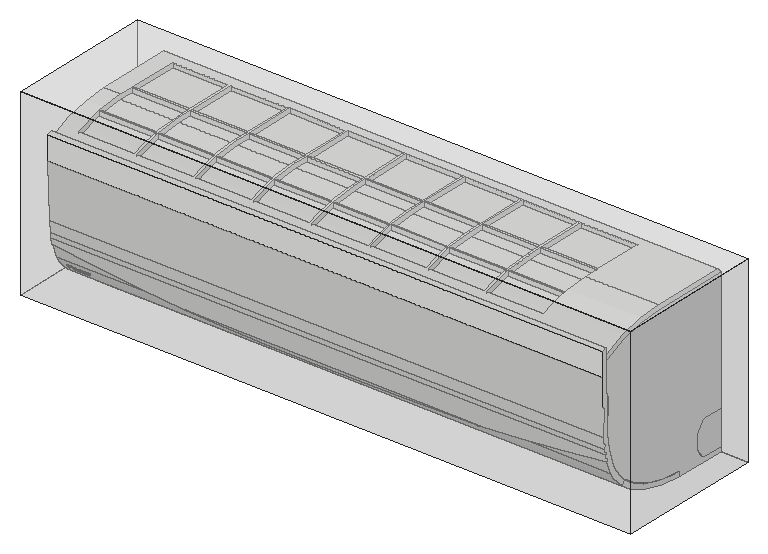
Revit family "outputfile", category 機械設備, Revit 2024
Family settings
  丸型コネクタ寸法 = 半径を使用
  パーツ タイプ = 標準
  OmniClass 番号 = 23.75.10.24.21.27.27
  OmniClass タイトル = Split System Air Conditioning Units
  作業面ベース = いいえ
  常に垂直 = はい
  ロード時にボイドで切り取り = いいえ
  注釈の向きを維持 = いいえ
  共有 = いいえ
  部屋計算ポイント = いいえ
Parameters (values of type "FTKM60Q2VMA")
  書き出し IFC クラス(タイプ) = "IfcUnitaryEquipmentType"
  定義済み IFC タイプ(タイプ) = "AIRCONDITIONINGUNIT"
  Cost = 0
  Type Comments = ""
  Keynote = ""
  Type Image = (empty or 0)
  Assembly Code = ""
  w_wall hole = if(Width = 770.0 mm, 48.0 mm, 60.0 mm)  # 60.0 mm
  製造元 = "Daikin"
  モデル = "FTKM60Q2VMA"
  switch_frequency = yes
  r_Liquid Pipe Size = Liquid Pipe Size / 2  # 3.2 mm
  r_Gas Pipe Size = Gas Pipe Size / 2  # 6.35 mm
  r_Drain Pipe Size = Drain Pipe Size / 2  # 8.0 mm
  lw_powersupply [instance] = if(Width = 770.0 mm, if(or(Rear Right Connection_refrigerant, Bottom Right Connection_refrigerant), 25.0 mm, if(or(Rear Left Connection_refrigerant, Bottom Left Connection_refrigerant), 745.0 mm, 400.0 mm)), if(Width = 990.0 mm, if(or(Rear Right Connection_refrigerant, Bottom Right Connection_refrigerant), 40.0 mm, if(or(Rear Left Connection_refrigerant, Bottom Left Connection_refrigerant), 920.0 mm, 400.0 mm)), if(or(Rear Right Connection_refrigerant, Bottom Right Connection_refrigerant), 40.0 mm, if(or(Rear Left Connection_refrigerant, Bottom Left Connection_refrigerant), 920.0 mm, 400.0 mm))))  # 400.0 mm
  lw_liquidpipe [instance] = if(Width = 770.0 mm, if(or(Rear Right Connection_refrigerant, Bottom Right Connection_refrigerant), 0.0 mm, if(or(Rear Left Connection_refrigerant, Bottom Left Connection_refrigerant), 664.0 mm, 385.0 mm)), if(Width = 990.0 mm, if(or(Rear Right Connection_refrigerant, Bottom Right Connection_refrigerant), 0.0 mm, if(or(Rear Left Connection_refrigerant, Bottom Left Connection_refrigerant), 664.0 mm + (990.0 mm - 770.0 mm), 475.0 mm)), if(or(Rear Right Connection_refrigerant, Bottom Right Connection_refrigerant), 0.0 mm, if(or(Rear Left Connection_refrigerant, Bottom Left Connection_refrigerant), 664.0 mm + (990.0 mm - 770.0 mm), 475.0 mm))))  # 475.0 mm
  lw_gaspipe [instance] = if(Width = 770.0 mm, if(or(Rear Right Connection_refrigerant, Bottom Right Connection_refrigerant), 0.0 mm, if(or(Rear Left Connection_refrigerant, Bottom Left Connection_refrigerant), 675.0 mm, if(Gas Pipe Size = 12.7 mm, 345.0 mm, 335.0 mm))), if(Width = 990.0 mm, if(or(Rear Right Connection_refrigerant, Bottom Right Connection_refrigerant), 10.0 mm, if(or(Rear Left Connection_refrigerant, Bottom Left Connection_refrigerant), 890.0 mm, if(Gas Pipe Size = 15.9 mm, 410.0 mm, 400.0 mm))), if(or(Rear Right Connection_refrigerant, Bottom Right Connection_refrigerant), 10.0 mm, if(or(Rear Left Connection_refrigerant, Bottom Left Connection_refrigerant), 890.0 mm, if(Gas Pipe Size = 15.9 mm, 410.0 mm, 400.0 mm)))))  # 400.0 mm
  lw_drainpipe [instance] = if(Width = 770.0 mm, if(or(Rear Right Connection_refrigerant, Bottom Right Connection_refrigerant), 0.0 mm, if(or(Rear Left Connection_refrigerant, Bottom Left Connection_refrigerant), 770.0 mm - 48.0 mm - 48.0 mm, 440.0 mm)), if(Width = 990.0 mm, if(or(Rear Right Connection_refrigerant, Bottom Right Connection_refrigerant), 0.0 mm, if(or(Rear Left Connection_refrigerant, Bottom Left Connection_refrigerant), 675.0 mm + (990.0 mm - 770.0 mm), 435.0 mm)), if(or(Rear Right Connection_refrigerant, Bottom Right Connection_refrigerant), 0.0 mm, if(or(Rear Left Connection_refrigerant, Bottom Left Connection_refrigerant), 675.0 mm + (990.0 mm - 770.0 mm), 435.0 mm))))  # 435.0 mm
  l_powersupply_length [instance] = if(Width = 770.0 mm, if(Right Connection_refrigerant, 400.0 mm, if(Left Connection_refrigerant, 770.0 mm - 400.0 mm, if(or(Rear Left Connection_refrigerant, Rear Right Connection_refrigerant), 15.0 mm, 50.0 mm))), if(Width = 990.0 mm, if(Right Connection_refrigerant, 400.0 mm, if(Left Connection_refrigerant, 990.0 mm - 400.0 mm, if(or(Rear Left Connection_refrigerant, Rear Right Connection_refrigerant), 15.0 mm, 50.0 mm))), if(Right Connection_refrigerant, 400.0 mm, if(Left Connection_refrigerant, 990.0 mm - 400.0 mm, if(or(Rear Left Connection_refrigerant, Rear Right Connection_refrigerant), 15.0 mm, 50.0 mm)))))  # 400.0 mm
  l_liquidpipe_length [instance] = if(Width = 770.0 mm, if(Right Connection_refrigerant, 433.0 mm, if(Left Connection_refrigerant, 337.0 mm, if(or(Rear Left Connection_refrigerant, Rear Right Connection_refrigerant), 30.0 mm, 40.0 mm))), if(Width = 990.0 mm, if(Right Connection_refrigerant, 535.0 mm, if(Left Connection_refrigerant, 455.0 mm, if(or(Rear Left Connection_refrigerant, Rear Right Connection_refrigerant), 30.0 mm, 40.0 mm))), if(Right Connection_refrigerant, 535.0 mm, if(Left Connection_refrigerant, 455.0 mm, if(or(Rear Left Connection_refrigerant, Rear Right Connection_refrigerant), 30.0 mm, 40.0 mm)))))  # 535.0 mm
  l_gaspipe_length [instance] = if(Width = 770.0 mm, if(Right Connection_refrigerant, if(Gas Pipe Size = 12.7 mm, 393.0 mm, 383.0 mm), if(Left Connection_refrigerant, if(Gas Pipe Size = 12.7 mm, 770.0 mm - 393.0 mm, 770.0 mm - 383.0 mm), if(or(Rear Left Connection_refrigerant, Rear Right Connection_refrigerant), 40.0 mm, 50.0 mm))), if(Width = 990.0 mm, if(Right Connection_refrigerant, if(Gas Pipe Size = 15.9 mm, 470.0 mm, 460.0 mm), if(Left Connection_refrigerant, if(Gas Pipe Size = 15.9 mm, 990.0 mm - 470.0 mm, 990.0 mm - 460.0 mm), if(or(Rear Left Connection_refrigerant, Rear Right Connection_refrigerant), 40.0 mm, 50.0 mm))), if(Right Connection_refrigerant, if(Gas Pipe Size = 15.9 mm, 470.0 mm, 460.0 mm), if(Left Connection_refrigerant, if(Gas Pipe Size = 15.9 mm, 990.0 mm - 470.0 mm, 990.0 mm - 460.0 mm), if(or(Rear Left Connection_refrigerant, Rear Right Connection_refrigerant), 40.0 mm, 50.0 mm)))))  # 460.0 mm
  l_drainpipe_length [instance] = if(Width = 770.0 mm, if(Right Connection_refrigerant, 488.0 mm, if(Left Connection_refrigerant, 282.0 mm, if(or(Rear Left Connection_refrigerant, Rear Right Connection_refrigerant), 15.0 mm, 20.0 mm))), if(Width = 990.0 mm, if(Right Connection_refrigerant, 495.0 mm, if(Left Connection_refrigerant, 495.0 mm, if(or(Rear Left Connection_refrigerant, Rear Right Connection_refrigerant), 15.0 mm, 20.0 mm))), if(Right Connection_refrigerant, 495.0 mm, if(Left Connection_refrigerant, 495.0 mm, if(or(Rear Left Connection_refrigerant, Rear Right Connection_refrigerant), 15.0 mm, 20.0 mm)))))  # 495.0 mm
  h*** = 0.0 mm  # constant formula
  connector_voltage = Voltage_50Hz  # 230 V
  connector_powerinput = [Power Input (Cooling)]  # 0.000 kW
  connector_phase = Phase_50Hz  # 1
  angle_vertical [instance] = if(or(Bottom Left Connection_refrigerant, Bottom Right Connection_refrigerant), 0.00°, 90.00°)  # 90.00°
  angle_horizontal [instance] = if(Right Connection_refrigerant, 90.00°, if(Left Connection_refrigerant, -90.00°, if(or(Rear Left Connection_refrigerant, Rear Right Connection_refrigerant), 180.00°, 0.00°)))  # 90.00°
  Width = 990.0 mm
  Voltage_comment_50Hz = "220 - 240"
  Voltage_50Hz = 230 V
  Version = "ver.1.0"
  Unit Type = "Wall Mounted"
  Unit Mass Weight = 13.00 kg
  Unit Designation [instance] = ""
  Uniclass2015Version = "Products v1.30"
  Uniclass2015Title = "Split coil room air conditioning units"
  Uniclass2015Code = "Pr_70_65_03_86"
  URL = ""
  Total Cooling Capacity [instance] = 0.000 kW
  Sound Pressure Level_M speed (dBA) = 42
  Sound Pressure Level_L speed (dBA) = 36
  Sound Pressure Level_H speed (dBA) = 48
  Sound Power Level_H speed (dB) = 0
  Series = "Single Split_Fan Coil Unit"
  Sensible Cooling Capacity [instance] = 0.000 kW
  Refrigerant Type = "R32"
  Power Input (Cooling) = 0.000 kW
  Phase_50Hz = 1
  Option Accessory 3 [instance] = ""
  Option Accessory 2 [instance] = ""
  Option Accessory 1 [instance] = ""
  Nominal Cooling Capacity = 6.000 kW
  Minimum Circuit Amps_50Hz = 0.0 A
  Minimum Airflow = 720.00 m³/h
  Median Airflow = 900.00 m³/h
  Maximum Fuse Amps_50Hz = 0.0 A
  Maximum Airflow = 1120.00 m³/h
  Material_Casing = DAIKIN_PureWhite_Casing_indoorunit
  Load Classification = HVAC
  Liquid Pipe Size = 6.4 mm
  Link_Nested Family [instance] = ""
  IfcVersion = ""
  IfcExportType = "AIRCONDITIONINGUNIT"
  IfcExportAs = "IfcUnitaryEquipmentType"
  Height = 295.0 mm
  Heat Exchanger Type = "Cross Fin Coil"
  Gas Pipe Size = 12.7 mm
  Frequency_50Hz = 50 Hz
  Fan Type = "Cross Flow Fan"
  Fan Drive = "Direct Drive"
  FCU Tag No. [instance] = ""
  Drain Pipe Size = 16.0 mm
  Design Supply Airflow [instance] = 0.00 m³/h
  Description = ""
  Depth = 263.0 mm
  既定の高さ = 0.0 mm
  Cooling Entering Wet Bulb Temperature [instance] = 0.00 °C
  Cooling Entering Dry Bulb Temperature [instance] = 0.00 °C
  Cooling Ambient Wet Bulb Temperature [instance] = 0.00 °C
  Cooling Ambient Dry Bulb Temperature [instance] = 0.00 °C
  Clearance visibility [instance] = yes
  Clearance Top = 30.0 mm
  Clearance Right = 50.0 mm
  Clearance Rear = 0.0 mm
  Clearance Left = 50.0 mm
  Clearance Front = 0.0 mm
  Clearance Bottom = 0.0 mm
  Bottom Right Connection_refrigerant [instance] = no
  Bottom Left Connection_refrigerant [instance] = no
  Rear Right Connection_refrigerant [instance] = no
  Rear Left Connection_refrigerant [instance] = no
  Right Connection_refrigerant [instance] = yes
  Left Connection_refrigerant [instance] = no
Reference planes
  plane 1 "Back": y = 0
  plane 2: z = 0
  plane 3 "Center (Left/Right)": x = 0
  plane 4 "Center (Front/Back)": y = -131.5
  plane 5 "Front": y = -263
  plane 6 "Left": x = -495
  plane 7 "Right": x = 495
  plane 8 "Top": z = 0
  plane 9 "Bottom": z = -295
  plane 10: x = -545
  plane 11: x = 545
  plane 12: y = 0
  plane 13: y = -263
  plane 14: z = 30
  plane 15: z = -295
  plane 16 "lw_Piping and Wiring intake": x = 435
  plane 17 "lw_gaspipe": x = 35
  plane 18 "lw_liquidpipe": x = -40
  plane 19 "lw_drainpipe": x = 0
  plane 20 "lh_drainpipe": z = -275
  plane 21 "lh_liquidpipe": z = -255
  plane 22 "lh_gaspipe": z = -245
  plane 23 "ld_drainpipe": y = -15
  plane 24 "ld_liquidpipe": y = -30
  plane 25 "ld_gaspipe": y = -40
  plane 26 "lw_powersupply": x = 95
Dimensions and locks
  equal spacing: plane 6 "Left", plane 3 "Center (Left/Right)", plane 7 "Right"
  "Width": plane 6 "Left" to plane 7 "Right"
  equal spacing: plane 5 "Front", plane 4 "Center (Front/Back)", plane 1 "Back"
  "Depth": plane 5 "Front" to plane 1 "Back"
  "Height": plane 8 "Top" to plane 9 "Bottom"
  "Clearance Rear": plane 12 to plane 1 "Back"
  "Clearance Front": plane 13 to plane 5 "Front"
  "Clearance Top": plane 14 to plane 8 "Top"
  "Clearance Bottom": plane 9 "Bottom" to plane 15
  "w_wall hole": plane 16 "lw_Piping and Wiring intake" to plane 7 "Right"
  "lw_gaspipe": plane 17 "lw_gaspipe" to plane 16 "lw_Piping and Wiring intake"
  "lw_liquidpipe": plane 18 "lw_liquidpipe" to plane 16 "lw_Piping and Wiring intake"
  "lw_drainpipe": plane 19 "lw_drainpipe" to plane 16 "lw_Piping and Wiring intake"
  locked: plane 20 "lh_drainpipe" to plane 9 "Bottom" at 20
  locked: plane 21 "lh_liquidpipe" to plane 9 "Bottom" at 40
  locked: plane 22 "lh_gaspipe" to plane 9 "Bottom" at 50
  locked: plane 23 "ld_drainpipe" to plane 1 "Back" at 15
  locked: plane 1 "Back" to plane 24 "ld_liquidpipe" at 30
  locked: plane 1 "Back" to plane 25 "ld_gaspipe" at 40
  "lw_powersupply": plane 26 "lw_powersupply" to plane 7 "Right"
  "Clearance Right": plane 7 "Right" to plane 11
  "Clearance Left": plane 10 to plane 6 "Left"
  aligned and locked: level to plane 2
  aligned and locked: plane 12 to nested 1
  aligned and locked: nested 1 to plane 13
  aligned and locked: plane 10 to nested 1
  aligned and locked: plane 11 to nested 1
  aligned and locked: plane 15 to nested 1
  aligned and locked: plane 14 to nested 1
  aligned and locked: plane 17 "lw_gaspipe" to nested 2
  aligned and locked: nested 2 to plane 25 "ld_gaspipe"
  aligned and locked: plane 18 "lw_liquidpipe" to nested 3
  aligned and locked: nested 3 to plane 24 "ld_liquidpipe"
  aligned and locked: plane 19 "lw_drainpipe" to nested 4
  aligned and locked: nested 4 to plane 23 "ld_drainpipe"
  aligned and locked: nested 5 to plane 23 "ld_drainpipe"
  aligned and locked: plane 26 "lw_powersupply" to nested 5
  aligned and locked: level to plane 8 "Top"
  aligned and locked: plane 3 "Center (Left/Right)" to nested 6
  aligned and locked: plane 1 "Back" to nested 6
  aligned and locked: plane 8 "Top" to nested 6
Nested families
  nested 1: "daikin_clearancespace" at (0, -131.5, -132.381), show <- "Clearance visibility", visible <- "Clearance visibility", Link_Nested Family <- "Link_Nested Family", type "daikin_clearancespace"
    with width 1090.0 mm, show yes, height 325.0 mm, depth 263.0 mm, Link_Nested Family ""
  nested 2: "daikin_connector_rotate3" at (35, -40, -245), angle_vertical <- "angle_vertical", angle_horizontal <- "angle_horizontal", length <- "l_gaspipe_length", radius <- "r_Gas Pipe Size", type "daikin_connector_rotate3"
    with show no, radius 6.35 mm, length 460.0 mm, angle_vertical 90.00°, angle_horizontal 90.00°
  nested 3: "daikin_connector_rotate3" at (-40, -30, -255), angle_vertical <- "angle_vertical", angle_horizontal <- "angle_horizontal", radius <- "r_Liquid Pipe Size", length <- "l_liquidpipe_length", type "daikin_connector_rotate3"
    with show no, radius 3.2 mm, length 535.0 mm, angle_vertical 90.00°, angle_horizontal 90.00°
  nested 4: "daikin_connector_rotate3" at (0, -15, -275), angle_vertical <- "angle_vertical", angle_horizontal <- "angle_horizontal", length <- "l_drainpipe_length", radius <- "r_Drain Pipe Size", type "daikin_connector_rotate3"
    with show no, radius 8.0 mm, length 495.0 mm, angle_vertical 90.00°, angle_horizontal 90.00°
  nested 5: "daikin_connector_rotate3" at (95, -15, -245), angle_vertical <- "angle_vertical", angle_horizontal <- "angle_horizontal", length <- "l_powersupply_length", type "daikin_connector_rotate3"
    with show no, radius 10.0 mm, length 400.0 mm, angle_vertical 90.00°, angle_horizontal 90.00°
  nested 6: "DAIKIN_indoorunit_FTKM-Q2VMA" at (-31, 0, 0), type "FTKM-Q2VMA"
    with switch_unit1_50-71 yes, switch_unit1_20-46 no, Width 990.0 mm, WALL HOLE-R 60.0 mm, WALL HOLE Size 80.0 mm, Height 295.0 mm
Connectors
  piping at (495, -40, -245), diameter 12.7, driven by "r_Gas Pipe Size"
    settings: on nested 2, index 1, connector inside diameter 609.6 mm, connector length 0.0 mm, flow factor 0, pipe flow 0.00 m³/h, pressure drop 0.0 Pa, fitting loss kfactor 0, connector angle 0.00°, fixture units 0, engagement length 0.0 mm, angle of deflection 0.00°, flow configuration 1, flow direction 2, fitting loss method 0, system type 29, joint type 0, gender type 0, connector reference index -1, connector utility 0, adjustable connector no, is connector primary yes, connector description "Refrigerant Gas Piping"
  piping at (495, -30, -255), diameter 6.4, driven by "r_Liquid Pipe Size"
    settings: on nested 3, index 2, connector inside diameter 609.6 mm, connector length 0.0 mm, flow factor 0, pipe flow 0.00 m³/h, pressure drop 0.0 Pa, fitting loss kfactor 0, connector angle 0.00°, fixture units 0, engagement length 0.0 mm, angle of deflection 0.00°, flow configuration 1, flow direction 1, fitting loss method 0, system type 29, joint type 0, gender type 0, connector reference index -1, connector utility 0, adjustable connector no, is connector primary no, connector description "Refrigerant Liquid Piping"
  piping at (495, -15, -275), diameter 16, driven by "r_Drain Pipe Size"
    settings: on nested 4, index 3, connector inside diameter 609.6 mm, connector length 0.0 mm, flow factor 0, pipe flow 0.00 m³/h, pressure drop 0.0 Pa, fitting loss kfactor 0, connector angle 0.00°, fixture units 0, engagement length 0.0 mm, angle of deflection 0.00°, flow configuration 1, flow direction 2, fitting loss method 4, system type 16, joint type 0, gender type 0, connector reference index -1, connector utility 0, adjustable connector no, is connector primary no, connector description "Condensate Drain Piping"
  electrical at (495, -15, -245), driven by "Load Classification", driven by "connector_powerinput", driven by "connector_voltage", driven by "connector_phase"
    settings: on nested 5, index 4, voltage 230 V, apparent load 0 VA, apparent load phase1 0 VA, apparent load phase2 0 VA, apparent load phase3 0 VA, power factor 1, load classification "HVAC", number of poles 1, system type 30, power factor state 1, is connector primary yes, connector utility no, sub classification motor no, connector description "Power Supply"
Definition of nested family "daikin_clearancespace"
  Parameters (values of type "daikin_clearancespace")
    Description = "daikin_clearancespace"
    width [instance] = 1823.963 mm
    show [instance] = yes
    material = none
    height [instance] = 1359.762 mm
    depth [instance] = 880.0 mm
    Default Elevation = 0.0 mm
    Link_Nested Family [instance] = ""
  Reference planes
    plane 1 "Center (Front/Back)": y = 0
    plane 2 "Center (Elevation)": z = -0.119
    plane 3 "Center (Left/Right)": x = 0
    plane 4: y = 440
    plane 5: y = -440
    plane 6 "Right": x = 911.982
    plane 7 "Left": x = -911.982
    plane 8 "Top": z = 679.762
    plane 9 "Bottom": z = -680
  Forms (mm)
    Extrusion 1, solid, material <- "material", visible <- "show"
      sketch origin (0, 0, 0) x (1, 0, 0) y (0, 1, 0)
        loop
          line (-911.982, 440) -> (-911.982, -440) -> (911.982, -440) -> (911.982, 440) -> (-911.982, 440)
      from -680 to 679.762
  Lines and regions (mm)
    symbolic lines, visible <- "show"
      curve 1: line (911.982, 440, 0) -> (-911.982, 440, 0)
      curve 2: line (-911.982, 440, 0) -> (-911.982, -440, 0)
      curve 3: line (-911.982, -440, 0) -> (911.982, -440, 0)
      curve 4: line (911.982, -440, 0) -> (911.982, 440, 0)
      curve 5: line (911.982, 0, 679.762) -> (-911.982, 0, 679.762)
      curve 6: line (911.982, 0, -680) -> (911.982, 0, 679.762)
      curve 7: line (-911.982, 0, -680) -> (911.982, 0, -680)
      curve 8: line (-911.982, 0, 679.762) -> (-911.982, 0, -680)
      curve 9: line (0, 440, 679.762) -> (0, -440, 679.762)
      curve 10: line (0, -440, 679.762) -> (0, -440, -680)
      curve 11: line (0, 440, -680) -> (0, 440, 679.762)
      curve 12: line (0, -440, -680) -> (0, 440, -680)
  Dimensions and locks
    "width": plane 7 "Left" to plane 6 "Right"
    "depth": plane 4 to plane 5
    "height": plane 8 "Top" to plane 9 "Bottom"
    equal spacing: plane 7 "Left", plane 3 "Center (Left/Right)", plane 6 "Right"
    equal spacing: plane 4, plane 1 "Center (Front/Back)", plane 5
    equal spacing: plane 8 "Top", plane 2 "Center (Elevation)", plane 9 "Bottom"
    aligned and locked: level to plane 2 "Center (Elevation)"
    aligned and locked: Extrusion 1 sketch curve to plane 4
    aligned and locked: plane 7 "Left" to Extrusion 1 sketch curve
    aligned and locked: Extrusion 1 sketch curve to plane 5
    aligned and locked: Extrusion 1 sketch curve to plane 6 "Right"
    aligned and locked: plane 8 "Top" to Extrusion 1
    aligned and locked: curve 1 to Extrusion 1
    aligned and locked: curve 2 to Extrusion 1
    aligned and locked: curve 3 to Extrusion 1
    aligned and locked: curve 4 to Extrusion 1
    aligned and locked: curve 5 to Extrusion 1
    aligned and locked: curve 6 to Extrusion 1
    aligned and locked: curve 7 to Extrusion 1
    aligned and locked: curve 8 to Extrusion 1
    aligned and locked: curve 9 to Extrusion 1
    aligned and locked: curve 10 to Extrusion 1
    aligned and locked: curve 11 to Extrusion 1
    aligned and locked: curve 12 to Extrusion 1
    aligned and locked: Extrusion 1 to plane 9 "Bottom"
Definition of nested family "DAIKIN_indoorunit_FTKM-Q2VMA"
  Parameters (values of type "FTKM-QVMA")
    switch_unit1_50-71 = Width = 990.0 mm  # no
    switch_unit1_20-46 = Width = 770.0 mm  # yes
    Width = 770.0 mm
    WALL HOLE-R = if(Width = 770.0 mm, 48.0 mm, 60.0 mm)  # 48.0 mm
    WALL HOLE Size = if(Width = 770.0 mm, 65.0 mm, 80.0 mm)  # 65.0 mm
    Material_Casing = none
    Height = if(Width = 770.0 mm, 285.0 mm, 295.0 mm)  # 285.0 mm
    Default Elevation = 0.0 mm
  Reference planes
    plane 1 "Center (Front/Back)": y = 0
    plane 2 "reference_level": z = 0
    plane 3 "Center (Left/Right)": x = 31
    plane 4: x = -354
    plane 5: x = 416
    plane 6: z = -285
  Forms (mm)
    Extrusion 1, solid, material <- "Material_Casing", visible <- "switch_unit1_20-46"
      sketch origin (29, 0, 0) x (0, 1, 0) y (0, 0, 1)
        loop
          line (-5, 0) -> (-98, 0)
          arc (-98, 0) -> (-157.611, -7.211) -> (-213.783, -28.427) r 250
          arc (-213.783, -28.427) -> (-213.842, -32.972) -> (-213.892, -37.516) r 2191
          arc (-213.892, -37.516) -> (-157.832, -15.495) -> (-98.07, -8) r 242
          line (-98.07, -8) -> (0, -8) -> (-5, 0)
      from -383 to 387
    Extrusion 2, solid, material <- "Material_Casing", visible <- "switch_unit1_20-46"
      sketch origin (416, 1296.25, 1200) x (0, 1, 0) y (0, 0, 1)
        loop
          line (-1472.998, -1446.91) -> (-1476.998, -1453.839)
          arc (-1476.998, -1453.839) -> (-1437.481, -1472.422) -> (-1395.25, -1483.538) r 240
          line (-1395.25, -1483.538) -> (-1395.25, -1475.422)
          arc (-1395.25, -1475.422) -> (-1435.407, -1464.663) -> (-1472.998, -1446.91) r 232
      from 0 to -47.5
    Extrusion 3, solid, material <- "Material_Casing", visible <- "switch_unit1_20-46"
      sketch origin (29, 0, 0) x (0, 1, 0) y (0, 0, 1)
        loop
          arc (-223, -60.455) -> (-222.414, -110.646) -> (-220.656, -160.81) r 2149.92
          arc (-220.656, -160.81) -> (-219.65, -174.299) -> (-217.853, -187.706) r 229.911
          arc (-217.853, -187.706) -> (-205.371, -223.594) -> (-181.517, -253.17) r 111
          line (-181.517, -253.17) -> (-177.429, -246.093)
          arc (-177.429, -246.093) -> (-198.77, -218.989) -> (-209.965, -186.36) r 103
          arc (-209.965, -186.36) -> (-211.681, -173.586) -> (-212.651, -160.735) r 221.844
          arc (-212.651, -160.735) -> (-214.739, -93.233) -> (-214.74, -25.699) r 2186.828
          arc (-214.74, -25.699) -> (-214.671, -21.467) -> (-214.594, -17.235) r 2192
          line (-214.594, -17.235) -> (-223, -19.961) -> (-223, -60.455)
      from -383 to 387
    Extrusion 4, solid, material <- "Material_Casing", visible <- "switch_unit1_20-46"
      sketch origin (29, 0, 0) x (0, 1, 0) y (0, 0, 1)
        loop
          line (-181.517, -253.17) -> (-179.597, -249.846)
          arc (-179.597, -249.846) -> (-202.009, -221.399) -> (-213.189, -186.952) r 103
          line (-213.189, -186.952) -> (-217.853, -187.706)
          arc (-217.853, -187.706) -> (-217.533, -189.556) -> (-217.182, -191.4) r 111
          arc (-217.182, -191.4) -> (-213.806, -208.181) -> (-210.362, -224.948) r 4257.809
          arc (-210.362, -224.948) -> (-198.886, -237.857) -> (-186.225, -249.607) r 180
          line (-186.225, -249.607) -> (-181.517, -253.17)
      from -383 to 387
    Extrusion 5, solid, material <- "Material_Casing", visible <- "switch_unit1_20-46"
      sketch origin (29, 0, -20) x (0, 1, 0) y (0, 0, 1)
        loop
          line (0, -265) -> (0, 12) -> (-98.07, 12)
          arc (-98.07, 12) -> (-157.832, 4.505) -> (-213.892, -17.516) r 242
          arc (-213.892, -17.516) -> (-213.638, -79.114) -> (-211.653, -140.681) r 2191
          arc (-211.653, -140.681) -> (-210.685, -153.501) -> (-208.973, -166.243) r 221
          arc (-208.973, -166.243) -> (-197.471, -199.282) -> (-175.482, -226.491) r 102
          arc (-175.482, -226.491) -> (-138.004, -244.019) -> (-98, -254.579) r 231
          line (-98, -254.579) -> (-98, -265) -> (0, -265)
      from -383 to 387
    Extrusion 6, solid, material <- "Material_Casing", visible <- "switch_unit1_20-46"
      sketch origin (-354, 1296.25, 1200) x (0, 1, 0) y (0, 0, 1)
        loop
          line (-1472.998, -1446.91) -> (-1476.998, -1453.839)
          arc (-1476.998, -1453.839) -> (-1437.481, -1472.422) -> (-1395.25, -1483.538) r 240
          line (-1395.25, -1483.538) -> (-1395.25, -1475.422)
          arc (-1395.25, -1475.422) -> (-1435.407, -1464.663) -> (-1472.998, -1446.91) r 232
      from 47 to 0
    Extrusion 7, solid, material <- "Material_Casing", visible <- "switch_unit1_20-46"
      sketch origin (416, 1296.25, 1200) x (0, 1, 0) y (0, 0, 1)
        loop
          line (-1472.998, -1446.91) -> (-1476.998, -1453.839)
          arc (-1476.998, -1453.839) -> (-1443.437, -1470.168) -> (-1407.75, -1481.097) r 240
          line (-1407.75, -1481.097) -> (-1407.75, -1472.894)
          arc (-1407.75, -1472.894) -> (-1441.363, -1462.385) -> (-1472.998, -1446.91) r 232
      from -116.993 to -48.493
    Extrusion 8, solid, material <- "Material_Casing", visible <- "switch_unit1_20-46"
      sketch origin (416, 1296.25, 1200) x (0, 1, 0) y (0, 0, 1)
        loop
          line (-1472.998, -1446.91) -> (-1476.998, -1453.839)
          arc (-1476.998, -1453.839) -> (-1443.437, -1470.168) -> (-1407.75, -1481.097) r 240
          line (-1407.75, -1481.097) -> (-1407.75, -1472.894)
          arc (-1407.75, -1472.894) -> (-1441.363, -1462.385) -> (-1472.998, -1446.91) r 232
      from -717 to -121.993
    Extrusion 9, void
      sketch origin (31, 0, -235) x (1, 0, 0) y (0, 1, 0)
        loop
          line (-252.674, -22.316) -> (-354.941, -22.316) -> (-354.941, -91.341) -> (-252.674, -91.341) -> (-252.674, -22.316)
        loop
          line (-249.341, -91.341) -> (-151.574, -91.341) -> (-151.574, -22.316) -> (-249.341, -22.316) -> (-249.341, -91.341)
        loop
          line (58.309, -22.316) -> (-148.309, -22.316) -> (-148.309, -91.341) -> (58.309, -91.341) -> (58.309, -22.316)
        loop
          line (61.689, -22.316) -> (61.689, -91.341) -> (159.457, -91.341) -> (159.457, -22.316) -> (61.689, -22.316)
        loop
          line (162.789, -22.316) -> (162.789, -91.341) -> (265.057, -91.341) -> (265.057, -22.316) -> (162.789, -22.316)
        loop
          line (-354.941, -94.659) -> (-354.941, -165.259) -> (-252.674, -165.259) -> (-252.674, -94.659) -> (-354.941, -94.659)
        loop
          line (-249.341, -94.659) -> (-249.341, -165.259) -> (-151.574, -165.259) -> (-151.574, -94.659) -> (-249.341, -94.659)
        loop
          line (-148.309, -94.659) -> (-148.309, -165.259) -> (58.309, -165.259) -> (58.309, -94.659) -> (-148.309, -94.659)
        loop
          line (61.689, -94.659) -> (61.689, -165.259) -> (159.457, -165.259) -> (159.457, -94.659) -> (61.689, -94.659)
        loop
          line (162.789, -94.659) -> (162.789, -165.259) -> (265.057, -165.259) -> (265.057, -94.659) -> (162.789, -94.659)
        loop
          line (-354.941, -167.382) -> (-354.941, -192.681) -> (-252.674, -192.681) -> (-252.674, -167.382) -> (-354.941, -167.382)
        loop
          line (-249.341, -167.382) -> (-249.341, -192.681) -> (-151.574, -192.681) -> (-151.574, -167.382) -> (-249.341, -167.382)
        loop
          line (-148.309, -167.382) -> (-148.309, -192.681) -> (58.309, -192.681) -> (58.309, -167.382) -> (-148.309, -167.382)
        loop
          line (159.457, -167.382) -> (61.689, -167.382) -> (61.689, -192.681) -> (159.457, -192.681) -> (159.457, -167.382)
        loop
          line (265.057, -167.382) -> (162.789, -167.382) -> (162.789, -192.681) -> (265.057, -192.681) -> (265.057, -167.382)
      from 201.638 to 250
    Extrusion 10, void
      sketch origin (31, 0, 0) x (1, 0, 0) y (0, 0, 1)
        loop
          arc (597, -174.907) -> (0.056, -245.263) -> (-597, -175.856) r 2585.042
          line (-597, -175.856) -> (-597, -352.872) -> (597, -352.872) -> (597, -174.907)
      from 173 to 315.3
    Extrusion 11, solid, material <- "Material_Casing"
      sketch origin (31, 0, 0) x (1, 0, 0) y (0, 0, 1)
        loop
          circle (337, -240.5) r 32.5
        loop
          circle (-337, -240.5) r 32.5
      from 0 to 5
    Extrusion 12, solid, material <- "Material_Casing", visible <- "switch_unit1_20-46"
      sketch origin (416, 1296.25, 1200) x (0, -1, 0) y (0, 0, 1)
        loop
          line (1326.25, -1417) -> (1296.25, -1417) -> (1296.25, -1477) -> (1326.25, -1477)
          arc (1326.25, -1477) -> (1340.393, -1471.142) -> (1346.25, -1457) r 20
          line (1346.25, -1457) -> (1346.25, -1437)
          arc (1346.25, -1437) -> (1340.393, -1422.858) -> (1326.25, -1417) r 20
      from 0 to 5
    Extrusion 13, solid, material <- "Material_Casing", visible <- "switch_unit1_20-46"
      sketch origin (-354, 1296.25, 1200) x (0, 1, 0) y (0, 0, 1)
        loop
          line (-1296.25, -1417) -> (-1326.25, -1417)
          arc (-1326.25, -1417) -> (-1340.393, -1422.858) -> (-1346.25, -1437) r 20
          line (-1346.25, -1437) -> (-1346.25, -1457)
          arc (-1346.25, -1457) -> (-1340.393, -1471.142) -> (-1326.25, -1477) r 20
          line (-1326.25, -1477) -> (-1296.25, -1477) -> (-1296.25, -1417)
      from 0 to 5
    Extrusion 14, solid, material <- "Material_Casing", visible <- "switch_unit1_20-46"
      sketch origin (31, 0, -285) x (-1, 0, 0) y (0, -1, 0)
        loop
          line (-314, 0) -> (-314, 30)
          arc (-314, 30) -> (-319.858, 44.142) -> (-334, 50) r 20
          line (-334, 50) -> (-354, 50)
          arc (-354, 50) -> (-368.142, 44.142) -> (-374, 30) r 20
          line (-374, 30) -> (-374, 0) -> (-314, 0)
        loop
          line (374, 0) -> (374, 30)
          arc (374, 30) -> (368.142, 44.142) -> (354, 50) r 20
          line (354, 50) -> (334, 50)
          arc (334, 50) -> (319.858, 44.142) -> (314, 30) r 20
          line (314, 30) -> (314, 0) -> (374, 0)
      from 0 to 5
    Extrusion 15, solid, material <- "Material_Casing", visible <- "switch_unit1_50-71"
      sketch origin (31, 0, 0) x (0, 1, 0) y (0, 0, 1)
        loop
          line (-5, 0) -> (-138, 0)
          arc (-138, 0) -> (-197.611, -7.211) -> (-253.783, -28.427) r 250
          arc (-253.783, -28.427) -> (-253.838, -32.687) -> (-253.886, -36.946) r 2191
          arc (-253.886, -36.946) -> (-197.73, -15.346) -> (-138.014, -8) r 246.393
          line (-138.014, -8) -> (0, -8) -> (-5, 0)
      from -495 to 495
    Extrusion 16, solid, material <- "Material_Casing", visible <- "switch_unit1_50-71"
      sketch origin (418, 1296.25, 1200) x (0, 1, 0) y (0, 0, 1)
        loop
          arc (-1515.208, -1454.149) -> (-1506.856, -1460.599) -> (-1497.925, -1466.219) r 110
          arc (-1497.925, -1466.219) -> (-1445.718, -1487.493) -> (-1389.844, -1494.995) r 223
          line (-1389.844, -1494.995) -> (-1389.844, -1486.086) -> (-1404.386, -1486.086)
          arc (-1404.386, -1486.086) -> (-1449.542, -1477.46) -> (-1491.818, -1459.402) r 214.289
          arc (-1491.818, -1459.402) -> (-1501.056, -1453.541) -> (-1509.606, -1446.715) r 101
          line (-1509.606, -1446.715) -> (-1515.208, -1454.149)
      from 108 to 57.5
    Extrusion 17, solid, material <- "Material_Casing", visible <- "switch_unit1_50-71"
      sketch origin (31, 0, 0) x (0, 1, 0) y (0, 0, 1)
        loop
          line (-263, -19.962) -> (-263, -61.6)
          arc (-263, -61.6) -> (-262.414, -110.219) -> (-260.656, -158.81) r 2017.341
          arc (-260.656, -158.81) -> (-255.648, -191.935) -> (-244.041, -223.362) r 164.725
          arc (-244.041, -223.362) -> (-233.569, -239.793) -> (-219.717, -253.495) r 87.379
          line (-219.717, -253.495) -> (-214.706, -246.846)
          arc (-214.706, -246.846) -> (-229.564, -230.029) -> (-240.385, -210.371) r 102
          arc (-240.385, -210.371) -> (-249.049, -182.962) -> (-252.848, -154.467) r 165.789
          arc (-252.848, -154.467) -> (-254.771, -90.102) -> (-254.74, -25.708) r 2122.533
          arc (-254.74, -25.708) -> (-254.671, -21.469) -> (-254.594, -17.23) r 2192
          line (-254.594, -17.23) -> (-263, -19.962)
      from -495 to 495
    Extrusion 18, void
      sketch origin (33, 0, 0) x (1, 0, 0) y (0, 1, 0)
        loop
          line (-466.909, -22.316) -> (-466.909, -111.341) -> (-366.303, -111.341) -> (-366.303, -22.316) -> (-466.909, -22.316)
        loop
          line (-362.71, -22.316) -> (-362.71, -111.341) -> (-262.103, -111.341) -> (-262.103, -22.316) -> (-362.71, -22.316)
        loop
          line (-258.51, -22.316) -> (-258.51, -111.341) -> (-157.904, -111.341) -> (-157.904, -22.316) -> (-258.51, -22.316)
        loop
          line (-154.31, -22.316) -> (-154.31, -111.341) -> (-53.704, -111.341) -> (-53.704, -22.316) -> (-154.31, -22.316)
        loop
          line (-50.11, -22.316) -> (-50.11, -111.341) -> (50.496, -111.341) -> (50.496, -22.316) -> (-50.11, -22.316)
        loop
          line (54.089, -22.316) -> (54.089, -111.341) -> (154.696, -111.341) -> (154.696, -22.316) -> (54.089, -22.316)
        loop
          line (158.289, -22.316) -> (158.289, -111.341) -> (258.895, -111.341) -> (258.895, -22.316) -> (158.289, -22.316)
        loop
          line (262.489, -22.316) -> (262.489, -111.341) -> (363.095, -111.341) -> (363.095, -22.316) -> (262.489, -22.316)
        loop
          line (-466.909, -114.459) -> (-466.909, -185.059) -> (-366.303, -185.059) -> (-366.303, -114.459) -> (-466.909, -114.459)
        loop
          line (-362.71, -114.459) -> (-362.71, -185.059) -> (-262.103, -185.059) -> (-262.103, -114.459) -> (-362.71, -114.459)
        loop
          line (-258.51, -114.459) -> (-258.51, -185.059) -> (-157.904, -185.059) -> (-157.904, -114.459) -> (-258.51, -114.459)
        loop
          line (-154.31, -114.459) -> (-154.31, -185.059) -> (-53.704, -185.059) -> (-53.704, -114.459) -> (-154.31, -114.459)
        loop
          line (-50.11, -114.459) -> (-50.11, -185.059) -> (50.496, -185.059) -> (50.496, -114.459) -> (-50.11, -114.459)
        loop
          line (54.089, -114.459) -> (54.089, -185.059) -> (154.696, -185.059) -> (154.696, -114.459) -> (54.089, -114.459)
        loop
          line (158.289, -114.459) -> (158.289, -185.059) -> (258.895, -185.059) -> (258.895, -114.459) -> (158.289, -114.459)
        loop
          line (262.489, -114.459) -> (262.489, -185.059) -> (363.095, -185.059) -> (363.095, -114.459) -> (262.489, -114.459)
        loop
          line (-466.909, -187.382) -> (-466.909, -232.681) -> (-366.303, -232.681) -> (-366.303, -187.382) -> (-466.909, -187.382)
        loop
          line (-362.71, -187.382) -> (-362.71, -232.681) -> (-262.103, -232.681) -> (-262.103, -187.382) -> (-362.71, -187.382)
        loop
          line (-258.51, -187.382) -> (-258.51, -232.681) -> (-157.904, -232.681) -> (-157.904, -187.382) -> (-258.51, -187.382)
        loop
          line (-154.31, -187.382) -> (-154.31, -232.681) -> (-53.704, -232.681) -> (-53.704, -187.382) -> (-154.31, -187.382)
        loop
          line (-50.11, -187.382) -> (-50.11, -232.681) -> (50.496, -232.681) -> (50.496, -187.382) -> (-50.11, -187.382)
        loop
          line (54.089, -187.382) -> (54.089, -232.681) -> (154.696, -232.681) -> (154.696, -187.382) -> (54.089, -187.382)
        loop
          line (158.289, -187.382) -> (158.289, -232.681) -> (258.895, -232.681) -> (258.895, -187.382) -> (158.289, -187.382)
        loop
          line (262.489, -187.382) -> (262.489, -232.681) -> (363.095, -232.681) -> (363.095, -187.382) -> (262.489, -187.382)
      from -40.013 to 47.268
    Extrusion 19, void
      sketch origin (33, 0, 2300) x (1, 0, 0) y (0, 0, 1)
        loop
          line (705, -2672.872) -> (705, -2462.4)
          arc (705, -2462.4) -> (-2.043, -2534.819) -> (-709, -2461.567) r 3467.757
          line (-709, -2461.567) -> (-709, -2672.872) -> (705, -2672.872)
      from 173 to 315.3
    Extrusion 20, solid, material <- "Material_Casing", visible <- "switch_unit1_50-71"
      sketch origin (-356, 1296.25, 1200) x (0, 1, 0) y (0, 0, -1)
        loop
          line (-1515.208, 1454.149) -> (-1509.606, 1446.715)
          arc (-1509.606, 1446.715) -> (-1501.056, 1453.541) -> (-1491.818, 1459.402) r 101
          arc (-1491.818, 1459.402) -> (-1449.542, 1477.46) -> (-1404.386, 1486.086) r 214.289
          line (-1404.386, 1486.086) -> (-1389.844, 1486.086) -> (-1389.844, 1494.995)
          arc (-1389.844, 1494.995) -> (-1445.718, 1487.493) -> (-1497.925, 1466.219) r 223
          arc (-1497.925, 1466.219) -> (-1506.856, 1460.599) -> (-1515.208, 1454.149) r 110
      from 108 to 61
    Extrusion 21, solid, material <- "Material_Casing", visible <- "switch_unit1_50-71"
      sketch origin (418, 1296.25, 1200) x (0, 1, 0) y (0, 0, 1)
        loop
          arc (-1515.208, -1454.149) -> (-1506.856, -1460.599) -> (-1497.925, -1466.219) r 110
          arc (-1497.925, -1466.219) -> (-1463.185, -1482.066) -> (-1426.25, -1491.755) r 223
          line (-1426.25, -1491.755) -> (-1426.25, -1483.166)
          arc (-1426.25, -1483.166) -> (-1460.008, -1473.969) -> (-1491.818, -1459.402) r 214.289
          arc (-1491.818, -1459.402) -> (-1501.056, -1453.541) -> (-1509.606, -1446.715) r 101
          line (-1509.606, -1446.715) -> (-1515.208, -1454.149)
      from 56.5 to -36.993
    Extrusion 22, solid, material <- "Material_Casing", visible <- "switch_unit1_50-71"
      sketch origin (418, 1296.25, 1200) x (0, 1, 0) y (0, 0, 1)
        loop
          arc (-1426.25, -1483.166) -> (-1443.442, -1479.224) -> (-1460.25, -1473.881) r 214.289
          line (-1460.25, -1473.881) -> (-1460.25, -1483.089)
          arc (-1460.25, -1483.089) -> (-1443.421, -1488.091) -> (-1426.25, -1491.755) r 223
          line (-1426.25, -1491.755) -> (-1426.25, -1483.166)
      from -43.493 to -828.893
    Extrusion 23, solid, material <- "Material_Casing", visible <- "switch_unit1_50-71"
      sketch origin (418, 1296.25, 1200) x (0, 1, 0) y (0, 0, 1)
        loop
          arc (-1515.208, -1454.149) -> (-1506.856, -1460.599) -> (-1497.925, -1466.219) r 110
          arc (-1497.925, -1466.219) -> (-1479.479, -1475.527) -> (-1460.25, -1483.089) r 223
          line (-1460.25, -1483.089) -> (-1460.25, -1473.881)
          arc (-1460.25, -1473.881) -> (-1476.328, -1467.282) -> (-1491.818, -1459.402) r 214.289
          arc (-1491.818, -1459.402) -> (-1501.056, -1453.541) -> (-1509.606, -1446.715) r 101
          line (-1509.606, -1446.715) -> (-1515.208, -1454.149)
      from -43.493 to -828.893
    Extrusion 24, solid, material <- "Material_Casing", visible <- "switch_unit1_50-71"
      sketch origin (31, 0, 0) x (0, 1, 0) y (0, 0, 1)
        loop
          arc (-217.78, -250.924) -> (-234.088, -233.307) -> (-245.826, -212.366) r 102
          arc (-245.826, -212.366) -> (-251.608, -196.062) -> (-255.659, -179.245) r 165.789
          line (-255.659, -179.245) -> (-258.299, -179.737)
          arc (-258.299, -179.737) -> (-257.524, -183.799) -> (-256.646, -187.84) r 164.725
          arc (-256.646, -187.84) -> (-252.868, -206.25) -> (-249.973, -224.82) r 393.089
          arc (-249.973, -224.82) -> (-239.237, -236.969) -> (-227.451, -248.102) r 180
          arc (-227.451, -248.102) -> (-223.723, -250.998) -> (-219.717, -253.495) r 45.878
          line (-219.717, -253.495) -> (-217.78, -250.924)
      from -495 to 495
    Extrusion 25, solid, material <- "Material_Casing", visible <- "switch_unit1_50-71"
      sketch origin (31, 0, -30) x (0, 1, 0) y (0, 0, 1)
        loop
          line (0, 22) -> (-138.014, 22)
          arc (-138.014, 22) -> (-197.73, 14.654) -> (-253.886, -6.946) r 246.393
          arc (-253.886, -6.946) -> (-253.682, -65.635) -> (-251.855, -124.295) r 2120.935
          arc (-251.855, -124.295) -> (-248.086, -152.682) -> (-239.461, -179.988) r 164.789
          arc (-239.461, -179.988) -> (-228.903, -199.231) -> (-214.437, -215.738) r 101
          line (-214.437, -215.738) -> (-212.406, -216.221)
          arc (-212.406, -216.221) -> (-204.07, -222.837) -> (-195.079, -228.53) r 100
          arc (-195.079, -228.53) -> (-145.557, -248.629) -> (-92.593, -255.785) r 213.289
          line (-92.593, -255.785) -> (-92.593, -265) -> (0, -265) -> (0, 22)
      from -495 to 495
    Extrusion 26, solid, material <- "Material_Casing", visible <- "switch_unit1_50-71"
      sketch origin (526, 1296.25, 1200) x (0, -1, 0) y (0, 0, 1)
        loop
          line (1326.25, -1427.035) -> (1296.25, -1427.035) -> (1296.25, -1487.035) -> (1326.25, -1487.035)
          arc (1326.25, -1487.035) -> (1340.393, -1481.177) -> (1346.25, -1467.035) r 20
          line (1346.25, -1467.035) -> (1346.25, -1447.035)
          arc (1346.25, -1447.035) -> (1340.393, -1432.892) -> (1326.25, -1427.035) r 20
      from 0 to 5
    Extrusion 27, solid, material <- "Material_Casing", visible <- "switch_unit1_50-71"
      sketch origin (-459, 1296.25, 1200) x (0, -1, 0) y (0, 0, 1)
        loop
          line (1326.25, -1427.035) -> (1296.25, -1427.035) -> (1296.25, -1487.035) -> (1326.25, -1487.035)
          arc (1326.25, -1487.035) -> (1340.393, -1481.177) -> (1346.25, -1467.035) r 20
          line (1346.25, -1467.035) -> (1346.25, -1447.035)
          arc (1346.25, -1447.035) -> (1340.393, -1432.892) -> (1326.25, -1427.035) r 20
      from 0 to 5
    Extrusion 28, solid, material <- "Material_Casing", visible <- "switch_unit1_50-71"
      sketch origin (31, 200, -295) x (-1, 0, 0) y (0, -1, 0)
        loop
          line (469, 200) -> (469, 230)
          arc (469, 230) -> (463.142, 244.142) -> (449, 250) r 20
          line (449, 250) -> (429, 250)
          arc (429, 250) -> (414.858, 244.142) -> (409, 230) r 20
          line (409, 230) -> (409, 200) -> (469, 200)
        loop
          line (-469, 200) -> (-409, 200) -> (-409, 230)
          arc (-409, 230) -> (-414.858, 244.142) -> (-429, 250) r 20
          line (-429, 250) -> (-449, 250)
          arc (-449, 250) -> (-463.142, 244.142) -> (-469, 230) r 20
          line (-469, 230) -> (-469, 200)
      from 0 to 5
  Cuts and joins
    Extrusion 9 cuts Extrusion 1
    Extrusion 10 cuts Extrusion 4
    joined: Extrusion 3, Extrusion 4
    Extrusion 18 cuts Extrusion 15
    Extrusion 19 cuts Extrusion 24
    joined: Extrusion 17, Extrusion 24
  Lines and regions (mm)
    reference lines
      curve 1: line (-523, -201.911, -229.404) -> (-523, -193.542, -239.977)
      curve 2: line (-523, -240.779, -229.404) -> (-523, -232.411, -239.977)
  Dimensions and locks
    locked: Extrusion 10 sketch curve to Extrusion 10 sketch curve at 1194
    Extrusion 10 sketch curve to Extrusion 10 sketch curve = 1194.0 mm
    locked: Extrusion 12 sketch curve to Extrusion 12 sketch curve at 60
    locked: Extrusion 12 sketch curve to Extrusion 12 sketch curve at 50
    locked: Extrusion 14 sketch curve to Extrusion 14 sketch curve at 60  (x2)
    locked: Extrusion 14 sketch curve to Extrusion 14 sketch curve at 50
    equal spacing: plane 5, plane 3 "Center (Left/Right)", plane 4
    "Width": plane 5 to plane 4
    locked: Extrusion 11 sketch curve to plane 4 at 48
    "WALL HOLE-R": plane 5 to Extrusion 11 sketch curve
    "Height": plane 2 "reference_level" to plane 6
    locked: Extrusion 11 sketch curve to plane 6 at 44.5  (x2)
    locked: cut or joined group of Extrusion 3, Extrusion 4, Extrusion 10 to nested 1 at 15
    locked: Extrusion 17 to nested 2 at 15
    locked: Extrusion 26 sketch curve to Extrusion 26 sketch curve at 60
    locked: Extrusion 26 sketch curve to Extrusion 26 sketch curve at 50
    locked: Extrusion 27 sketch curve to Extrusion 27 sketch curve at 60
    locked: Extrusion 27 sketch curve to Extrusion 27 sketch curve at 50
    locked: Extrusion 28 sketch curve to Extrusion 28 sketch curve at 60  (x2)
    locked: Extrusion 28 sketch curve to Extrusion 28 sketch curve at 50  (x2)
    "WALL HOLE Size": diameter of Extrusion 11 sketch curve  (x2)
    aligned and locked: level to plane 2 "reference_level"
    aligned and locked: nested 1 to curve 1
    aligned and locked: Extrusion 13 sketch curve to Extrusion 12  (x4)
    aligned and locked: Extrusion 14 sketch curve to Extrusion 14 sketch curve  (x2)
    aligned and locked: Extrusion 11 to plane 1 "Center (Front/Back)"
    aligned and locked: nested 2 to curve 2
  Automatic sketch dimensions
    Extrusion 10 sketch curve to plane 3 "Center (Left/Right)" = 597.0 mm
    Extrusion 10 sketch curve to plane 3 "Center (Left/Right)" = 2.0 mm
    Extrusion 10 sketch curve to level = 352.872 mm
    Extrusion 10 sketch curve to level = 175.856 mm
    Extrusion 10 sketch curve to level = 174.907 mm
    curve 1 to level = 239.977 mm
    plane 1 "Center (Front/Back)" to curve 1 = 193.542 mm
    curve 2 to curve 1 = 0.0 mm
    curve 2 to curve 2 = 10.573 mm
    curve 1 to curve 1 = 10.573 mm
    curve 1 to curve 1 = 8.368 mm
    curve 1 to curve 2 = 30.5 mm
    curve 2 to curve 2 = 8.368 mm
    Extrusion 19 sketch curve to plane 3 "Center (Left/Right)" = 707.0 mm
    plane 3 "Center (Left/Right)" to Extrusion 19 sketch curve = 2.0 mm
    plane 3 "Center (Left/Right)" to Extrusion 19 sketch curve = 707.0 mm
    Extrusion 19 sketch curve to level = 372.872 mm
    Extrusion 19 sketch curve to level = 162.4 mm
    Extrusion 19 sketch curve to level = 161.567 mm
    Extrusion 1 sketch curve to level = 0.0 mm
    Extrusion 1 sketch curve to plane 1 "Center (Front/Back)" = 0.0 mm
    plane 1 "Center (Front/Back)" to Extrusion 1 sketch curve = 5.0 mm
    plane 1 "Center (Front/Back)" to Extrusion 1 sketch curve = 98.0 mm
    Extrusion 1 sketch curve to Extrusion 1 sketch curve = 0.07 mm
    Extrusion 1 sketch curve to level = 59.292 mm
    Extrusion 1 sketch curve to plane 1 "Center (Front/Back)" = 1977.0 mm
    Extrusion 1 sketch curve to level = 250.0 mm
    Extrusion 1 sketch curve to Extrusion 1 sketch curve = 0.0 mm
    Extrusion 1 sketch curve to level = 8.0 mm
    Extrusion 1 sketch curve to level = 28.427 mm
    plane 1 "Center (Front/Back)" to Extrusion 2 sketch curve = 180.748 mm
    Extrusion 2 sketch curve to Extrusion 2 sketch curve = 4.0 mm
    Extrusion 2 sketch curve to Extrusion 2 sketch curve = 77.747 mm
    plane 1 "Center (Front/Back)" to Extrusion 2 sketch curve = 59.279 mm
    Extrusion 2 sketch curve to Extrusion 2 sketch curve = 0.0 mm
    Extrusion 2 sketch curve to level = 283.538 mm
    Extrusion 2 sketch curve to Extrusion 2 sketch curve = 8.116 mm
    Extrusion 2 sketch curve to Extrusion 2 sketch curve = 21.583 mm
    Extrusion 2 sketch curve to Extrusion 2 sketch curve = 6.929 mm
    Extrusion 3 sketch curve to level = 19.961 mm
    plane 1 "Center (Front/Back)" to Extrusion 3 sketch curve = 223.0 mm
    Extrusion 3 sketch curve to level = 17.235 mm
    Extrusion 3 sketch curve to Extrusion 3 sketch curve = 8.406 mm
    plane 1 "Center (Front/Back)" to Extrusion 3 sketch curve = 181.517 mm
    Extrusion 3 sketch curve to Extrusion 3 sketch curve = 4.087 mm
    Extrusion 3 sketch curve to Extrusion 3 sketch curve = 69.11 mm
    Extrusion 3 sketch curve to Extrusion 3 sketch curve = 0.001 mm
    Extrusion 3 sketch curve to plane 1 "Center (Front/Back)" = 8.955 mm
    Extrusion 3 sketch curve to Extrusion 3 sketch curve = 0.067 mm
    Extrusion 3 sketch curve to level = 60.455 mm
    Extrusion 3 sketch curve to Extrusion 3 sketch curve = 1917.898 mm
    Extrusion 3 sketch curve to Extrusion 3 sketch curve = 44.907 mm
    Extrusion 3 sketch curve to Extrusion 3 sketch curve = 5.172 mm
    Extrusion 3 sketch curve to level = 150.456 mm
    Extrusion 3 sketch curve to Extrusion 3 sketch curve = 0.006 mm
    Extrusion 3 sketch curve to Extrusion 3 sketch curve = 19.265 mm
    Extrusion 3 sketch curve to Extrusion 3 sketch curve = 0.004 mm
    Extrusion 3 sketch curve to Extrusion 3 sketch curve = 76.368 mm
    Extrusion 3 sketch curve to Extrusion 3 sketch curve = 7.077 mm
    Extrusion 3 sketch curve to Extrusion 3 sketch curve = 1.002 mm
    Extrusion 3 sketch curve to Extrusion 3 sketch curve = 0.046 mm
    Extrusion 3 sketch curve to Extrusion 3 sketch curve = 8.005 mm
    Extrusion 3 sketch curve to Extrusion 3 sketch curve = 0.147 mm
    Extrusion 3 sketch curve to Extrusion 3 sketch curve = 0.0 mm
    plane 1 "Center (Front/Back)" to Extrusion 4 sketch curve = 217.853 mm
    Extrusion 4 sketch curve to Extrusion 4 sketch curve = 4.664 mm
    Extrusion 4 sketch curve to Extrusion 4 sketch curve = 26.964 mm
    Extrusion 4 sketch curve to Extrusion 4 sketch curve = 4.708 mm
    Extrusion 4 sketch curve to Extrusion 4 sketch curve = 1.92 mm
    Extrusion 4 sketch curve to Extrusion 4 sketch curve = 68.441 mm
    Extrusion 4 sketch curve to Extrusion 4 sketch curve = 2.837 mm
    Extrusion 4 sketch curve to Extrusion 4 sketch curve = 38.066 mm
    level to Extrusion 4 sketch curve = 640.031 mm
    Extrusion 4 sketch curve to plane 1 "Center (Front/Back)" = 3958.661 mm
    Extrusion 4 sketch curve to level = 111.946 mm
    Extrusion 4 sketch curve to Extrusion 4 sketch curve = 57.779 mm
    Extrusion 4 sketch curve to Extrusion 4 sketch curve = 3.149 mm
    Extrusion 4 sketch curve to Extrusion 4 sketch curve = 14.078 mm
    Extrusion 4 sketch curve to Extrusion 4 sketch curve = 0.754 mm
    Extrusion 4 sketch curve to Extrusion 4 sketch curve = 0.239 mm
    Extrusion 4 sketch curve to Extrusion 4 sketch curve = 3.324 mm
    Extrusion 4 sketch curve to Extrusion 4 sketch curve = 0.0 mm
    Extrusion 5 sketch curve to plane 1 "Center (Front/Back)" = 0.0 mm
    plane 1 "Center (Front/Back)" to Extrusion 5 sketch curve = 59.278 mm
    Extrusion 5 sketch curve to Extrusion 5 sketch curve = 98.0 mm
    Extrusion 5 sketch curve to Extrusion 5 sketch curve = 0.0 mm  (x3)
    Extrusion 5 sketch curve to level = 8.0 mm
    Extrusion 5 sketch curve to Extrusion 5 sketch curve = 38.791 mm
    Extrusion 5 sketch curve to Extrusion 5 sketch curve = 10.249 mm
    Extrusion 5 sketch curve to plane 1 "Center (Front/Back)" = 9.11 mm
    Extrusion 5 sketch curve to level = 59.292 mm
    Extrusion 5 sketch curve to Extrusion 5 sketch curve = 1967.89 mm
    Extrusion 5 sketch curve to Extrusion 5 sketch curve = 142.454 mm
    Extrusion 5 sketch curve to Extrusion 5 sketch curve = 19.271 mm
    Extrusion 5 sketch curve to Extrusion 5 sketch curve = 80.275 mm
    Extrusion 5 sketch curve to Extrusion 5 sketch curve = 24.579 mm
    Extrusion 5 sketch curve to Extrusion 5 sketch curve = 10.421 mm
    Extrusion 5 sketch curve to level = 46.847 mm
    Extrusion 5 sketch curve to Extrusion 5 sketch curve = 77.412 mm
    Extrusion 5 sketch curve to Extrusion 5 sketch curve = 33.49 mm
    Extrusion 5 sketch curve to Extrusion 5 sketch curve = 2.68 mm
    plane 1 "Center (Front/Back)" to Extrusion 6 sketch curve = 180.748 mm
    Extrusion 6 sketch curve to Extrusion 6 sketch curve = 4.0 mm
    Extrusion 6 sketch curve to Extrusion 6 sketch curve = 77.747 mm
    plane 1 "Center (Front/Back)" to Extrusion 6 sketch curve = 59.279 mm
    Extrusion 6 sketch curve to Extrusion 6 sketch curve = 0.0 mm
    Extrusion 6 sketch curve to level = 283.538 mm
    Extrusion 6 sketch curve to Extrusion 6 sketch curve = 8.116 mm
    Extrusion 6 sketch curve to Extrusion 6 sketch curve = 21.583 mm
    Extrusion 6 sketch curve to Extrusion 6 sketch curve = 6.929 mm
    plane 1 "Center (Front/Back)" to Extrusion 7 sketch curve = 180.748 mm
    Extrusion 7 sketch curve to Extrusion 7 sketch curve = 4.0 mm
    Extrusion 7 sketch curve to Extrusion 7 sketch curve = 65.247 mm
    plane 1 "Center (Front/Back)" to Extrusion 7 sketch curve = 59.279 mm
    Extrusion 7 sketch curve to Extrusion 7 sketch curve = 0.0 mm
    Extrusion 7 sketch curve to level = 281.097 mm
    Extrusion 7 sketch curve to Extrusion 7 sketch curve = 8.203 mm
    Extrusion 7 sketch curve to Extrusion 7 sketch curve = 19.055 mm
    Extrusion 7 sketch curve to Extrusion 7 sketch curve = 6.929 mm
    plane 1 "Center (Front/Back)" to Extrusion 8 sketch curve = 180.748 mm
    Extrusion 8 sketch curve to Extrusion 8 sketch curve = 4.0 mm
    Extrusion 8 sketch curve to Extrusion 8 sketch curve = 65.247 mm
    plane 1 "Center (Front/Back)" to Extrusion 8 sketch curve = 59.279 mm
    Extrusion 8 sketch curve to Extrusion 8 sketch curve = 0.0 mm
    Extrusion 8 sketch curve to level = 281.097 mm
    Extrusion 8 sketch curve to Extrusion 8 sketch curve = 8.203 mm
    Extrusion 8 sketch curve to Extrusion 8 sketch curve = 19.055 mm
    Extrusion 8 sketch curve to Extrusion 8 sketch curve = 6.929 mm
    plane 1 "Center (Front/Back)" to Extrusion 9 sketch curve = 165.259 mm  (x2)
    Extrusion 9 sketch curve to plane 3 "Center (Left/Right)" = 354.941 mm
    plane 1 "Center (Front/Back)" to Extrusion 9 sketch curve = 22.316 mm  (x3)
    Extrusion 9 sketch curve to Extrusion 9 sketch curve = 0.0 mm  (x26)
    Extrusion 9 sketch curve to Extrusion 9 sketch curve = 102.268 mm  (x2)
    Extrusion 9 sketch curve to Extrusion 9 sketch curve = 3.332 mm  (x4)
    Extrusion 9 sketch curve to Extrusion 9 sketch curve = 97.768 mm  (x2)
    Extrusion 9 sketch curve to Extrusion 9 sketch curve = 3.264 mm  (x3)
    plane 3 "Center (Left/Right)" to Extrusion 9 sketch curve = 58.309 mm
    Extrusion 9 sketch curve to Extrusion 9 sketch curve = 3.38 mm  (x3)
    Extrusion 9 sketch curve to Extrusion 9 sketch curve = 2.124 mm  (x6)
    Extrusion 9 sketch curve to Extrusion 9 sketch curve = 25.299 mm  (x2)
    Extrusion 9 sketch curve to Extrusion 9 sketch curve = 70.6 mm
    Extrusion 9 sketch curve to Extrusion 9 sketch curve = 3.317 mm  (x4)
    Extrusion 12 sketch curve to plane 1 "Center (Front/Back)" = 0.0 mm
    Extrusion 12 sketch curve to Extrusion 12 sketch curve = 20.0 mm  (x2)
    Extrusion 12 sketch curve to level = 277.0 mm
    plane 1 "Center (Front/Back)" to Extrusion 14 sketch curve = 0.0 mm
    plane 3 "Center (Left/Right)" to Extrusion 14 sketch curve = 374.0 mm
    Extrusion 14 sketch curve to Extrusion 14 sketch curve = 20.0 mm  (x3)
    plane 1 "Center (Front/Back)" to Extrusion 14 sketch curve = 30.0 mm
    Extrusion 14 sketch curve to plane 3 "Center (Left/Right)" = 314.0 mm
    Extrusion 15 sketch curve to level = 0.0 mm
    Extrusion 15 sketch curve to plane 1 "Center (Front/Back)" = 0.0 mm
    plane 1 "Center (Front/Back)" to Extrusion 15 sketch curve = 5.0 mm
    Extrusion 15 sketch curve to Extrusion 15 sketch curve = 133.0 mm
    Extrusion 15 sketch curve to Extrusion 15 sketch curve = 0.013 mm
    Extrusion 15 sketch curve to level = 59.292 mm
    Extrusion 15 sketch curve to plane 1 "Center (Front/Back)" = 1937.0 mm
    Extrusion 15 sketch curve to Extrusion 15 sketch curve = 250.0 mm
    Extrusion 15 sketch curve to Extrusion 15 sketch curve = 4.393 mm
    Extrusion 15 sketch curve to level = 8.0 mm
    Extrusion 15 sketch curve to level = 28.427 mm
    plane 1 "Center (Front/Back)" to Extrusion 16 sketch curve = 218.957 mm
    Extrusion 16 sketch curve to Extrusion 16 sketch curve = 5.601 mm
    Extrusion 16 sketch curve to Extrusion 16 sketch curve = 65.735 mm
    Extrusion 16 sketch curve to Extrusion 16 sketch curve = 1.462 mm
    plane 1 "Center (Front/Back)" to Extrusion 16 sketch curve = 108.136 mm
    Extrusion 16 sketch curve to Extrusion 16 sketch curve = 14.543 mm
    plane 1 "Center (Front/Back)" to Extrusion 16 sketch curve = 92.093 mm
    Extrusion 16 sketch curve to Extrusion 16 sketch curve = 1.354 mm
    Extrusion 16 sketch curve to level = 294.995 mm
    Extrusion 16 sketch curve to Extrusion 16 sketch curve = 8.909 mm
    Extrusion 16 sketch curve to Extrusion 16 sketch curve = 31.937 mm
    Extrusion 16 sketch curve to Extrusion 16 sketch curve = 7.433 mm
    Extrusion 16 sketch curve to Extrusion 16 sketch curve = 75.403 mm
    Extrusion 16 sketch curve to Extrusion 16 sketch curve = 0.896 mm
    Extrusion 16 sketch curve to level = 72.504 mm
    Extrusion 16 sketch curve to Extrusion 16 sketch curve = 0.504 mm
    Extrusion 17 sketch curve to level = 19.962 mm
    plane 1 "Center (Front/Back)" to Extrusion 17 sketch curve = 263.0 mm
    Extrusion 17 sketch curve to level = 17.23 mm
    Extrusion 17 sketch curve to Extrusion 17 sketch curve = 8.406 mm
    Extrusion 17 sketch curve to Extrusion 17 sketch curve = 43.283 mm
    Extrusion 17 sketch curve to Extrusion 17 sketch curve = 5.011 mm
    Extrusion 17 sketch curve to Extrusion 17 sketch curve = 49.129 mm
    Extrusion 17 sketch curve to Extrusion 17 sketch curve = 19.417 mm
    Extrusion 17 sketch curve to Extrusion 17 sketch curve = 50.037 mm
    Extrusion 17 sketch curve to Extrusion 17 sketch curve = 8.89 mm
    Extrusion 17 sketch curve to level = 61.6 mm
    Extrusion 17 sketch curve to plane 1 "Center (Front/Back)" = 1754.341 mm
    Extrusion 17 sketch curve to level = 58.909 mm
    Extrusion 17 sketch curve to Extrusion 17 sketch curve = 113.192 mm
    Extrusion 17 sketch curve to Extrusion 17 sketch curve = 69.467 mm
    Extrusion 17 sketch curve to level = 146.886 mm
    Extrusion 17 sketch curve to Extrusion 17 sketch curve = 3.987 mm
    Extrusion 17 sketch curve to Extrusion 17 sketch curve = 20.44 mm
    Extrusion 17 sketch curve to Extrusion 17 sketch curve = 13.597 mm
    Extrusion 17 sketch curve to Extrusion 17 sketch curve = 61.936 mm
    Extrusion 17 sketch curve to Extrusion 17 sketch curve = 6.649 mm
    Extrusion 17 sketch curve to level = 59.438 mm
    Extrusion 17 sketch curve to Extrusion 17 sketch curve = 0.0 mm
    Extrusion 17 sketch curve to Extrusion 17 sketch curve = 0.147 mm
    Extrusion 17 sketch curve to Extrusion 17 sketch curve = 7.808 mm
    plane 1 "Center (Front/Back)" to Extrusion 18 sketch curve = 22.316 mm  (x6)
    Extrusion 18 sketch curve to plane 3 "Center (Left/Right)" = 464.909 mm
    Extrusion 18 sketch curve to Extrusion 18 sketch curve = 0.0 mm  (x27)
    Extrusion 18 sketch curve to Extrusion 18 sketch curve = 100.606 mm  (x7)
    Extrusion 18 sketch curve to Extrusion 18 sketch curve = 3.594 mm  (x16)
    Extrusion 18 sketch curve to plane 3 "Center (Left/Right)" = 51.704 mm
    plane 3 "Center (Left/Right)" to Extrusion 18 sketch curve = 52.496 mm  (x2)
    Extrusion 18 sketch curve to Extrusion 18 sketch curve = 89.026 mm  (x6)
    Extrusion 18 sketch curve to Extrusion 18 sketch curve = 3.117 mm  (x8)
    Extrusion 18 sketch curve to Extrusion 18 sketch curve = 70.6 mm  (x7)
    Extrusion 18 sketch curve to Extrusion 18 sketch curve = 2.324 mm  (x8)
    Extrusion 18 sketch curve to Extrusion 18 sketch curve = 45.299 mm  (x7)
    plane 1 "Center (Front/Back)" to Extrusion 20 sketch curve = 218.957 mm
    Extrusion 20 sketch curve to Extrusion 20 sketch curve = 5.601 mm
    Extrusion 20 sketch curve to Extrusion 20 sketch curve = 65.735 mm
    Extrusion 20 sketch curve to Extrusion 20 sketch curve = 1.462 mm
    plane 1 "Center (Front/Back)" to Extrusion 20 sketch curve = 108.136 mm
    Extrusion 20 sketch curve to Extrusion 20 sketch curve = 14.543 mm
    plane 1 "Center (Front/Back)" to Extrusion 20 sketch curve = 92.093 mm
    Extrusion 20 sketch curve to Extrusion 20 sketch curve = 1.354 mm
    Extrusion 20 sketch curve to level = 72.0 mm
    Extrusion 20 sketch curve to Extrusion 20 sketch curve = 0.504 mm
    Extrusion 20 sketch curve to Extrusion 20 sketch curve = 98.416 mm
    Extrusion 20 sketch curve to Extrusion 20 sketch curve = 0.896 mm
